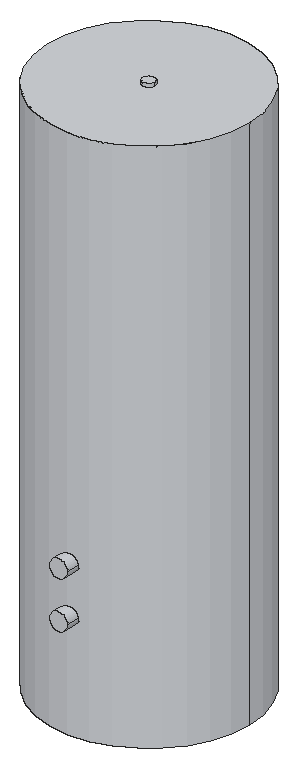
Revit family
Parameters (values of type "RJA0257")
  Top Clearance = 12"
  SES BIM Studio # = "201264901-29"
  URL = "http://www.lochinvar.com/products/Default.aspx?type=ProductLine&lineid=106"
  NPT Outlet Conn Radius = 1"
  NPT OUTLET SIZE = 2"
  Pipe Extrusion Length = Tank Radius + 2"  # 19"
  NPT Conn Radius = 1 1/2"
  NPT CONN SIZE = NPT Conn Radius * 2  # 3"
  Model = "RJA257"
  Manufacturer = "Lochinvar"
  MODEL NO. = "RJA257"
  GALLON CAPACITY = "257"
  B_TANK DIAMETER = Tank Radius * 2  # 34"
  A_TANK HEIGHT = 91"
  E_NPT Height = 26"
  Drain Radius = 1/2"
  Description = "Vertical Round Jacketed ASME Tanks"
  Fuel Type = ""
  Tank Radius = 17"
  D_NPT Height = 18"
Types (8): name | Pipe Extrusion Length | Model | MODEL NO. | GALLON CAPACITY | B_TANK DIAMETER | A_TANK HEIGHT | E_NPT Height | Tank Radius | D_NPT Height
  (no name) | 19" | "RJA257" | "RJA257" | "257" | 34" | 91" | 26" | 17" | 18"
  RJA0257 | 19" | "RJA257" | "RJA257" | "257" | 34" | 91" | 26" | 17" | 18"
  RJA0318 | 22" | "RJA0318" | "RJA0318" | "318" | 40" | 80" | 27 1/2" | 20" | 19 1/2"
  RJA0432 | 25" | "RJA0432" | "RJA0432" | "432" | 46" | 80" | 29" | 23" | 21"
  RJA0504 | 25" | "RJA0504" | "RJA0504" | "504" | 46" | 92" | 29" | 23" | 21"
  RJA0650 | 28" | "RJA0650" | "RJA0650" | "650" | 52" | 92" | 31 1/2" | 26" | 23 1/2"
  RJA0752 | 28" | "RJA0752" | "RJA0752" | "752" | 52" | 104" | 31 1/2" | 26" | 23 1/2"
  RJA0940 | 28" | "RJA0940" | "RJA0940" | "940" | 52" | 128" | 31 1/2" | 26" | 23 1/2"
Reference planes (in)
  plane 1 "Center (Front/Back)": y = 6.125
  plane 2: z = 0
  plane 3 "Center (Left/Right)": x = -1.39218
  plane 4 "Top": z = 91
  plane 5 "Top Clearance": z = 103
  plane 6 "Drain Pipe Length": x = -20.39218
Forms (in)
  Extrusion 1, solid
    sketch origin (0, 0, 0) x (1, 0, 0) y (0, 1, 0)
      loop
        circle (-1.39218, 6.125) r 17
    from 0 to 91
  Extrusion 2, solid
    sketch origin (0, 6.125, 0) x (1, 0, 0) y (0, 0, 1)
      loop
        circle (-1.39218, 18) r 1.5
    from 0 to 19 <- "Pipe Extrusion Length"
  Extrusion 3, solid
    sketch origin (0, 6.125, 8) x (1, 0, 0) y (0, 0, 1)
      loop
        circle (-1.39218, 18) r 1.5
    from 0 to 19 <- "Pipe Extrusion Length"
  Extrusion 4, solid
    sketch origin (0, 0, 91) x (-1, 0, 0) y (0, -1, 0)
      loop
        circle (1.39218, -6.125) r 1
    from 0 to 0.5
  Extrusion 5, solid
    sketch origin (-1.39218, 0, 0) x (0, 1, 0) y (0, 0, 1)
      loop
        circle (6.125, 3) r 0.5
    from 0 to -19
Dimensions and locks (in)
  "A_TANK HEIGHT": plane 4 "Top" to level
  "Top Clearance": plane 5 "Top Clearance" to plane 4 "Top"
  "D_NPT Height": Extrusion 2 sketch curve to level
  "E_NPT Height": Extrusion 3 sketch curve to level
  "Pipe Extrusion Length": plane 6 "Drain Pipe Length" to plane 3 "Center (Left/Right)"
  "Tank Radius": radius of Extrusion 1 sketch curve
  "NPT Conn Radius": radius of Extrusion 2 sketch curve
  "NPT Conn Radius": radius of Extrusion 3 sketch curve
  "NPT Outlet Conn Radius": radius of Extrusion 4 sketch curve
  "Drain Radius": radius of Extrusion 5 sketch curve
  aligned and locked: plane 4 "Top" to Extrusion 1
  aligned and locked: plane 6 "Drain Pipe Length" to Extrusion 5
Automatic sketch dimensions
  plane 1 "Center (Front/Back)" to Extrusion 1 sketch curve = 0"
  Extrusion 1 sketch curve to plane 3 "Center (Left/Right)" = 0"
  Extrusion 2 sketch curve to plane 3 "Center (Left/Right)" = 0"
  Extrusion 3 sketch curve to plane 3 "Center (Left/Right)" = 0"
  plane 1 "Center (Front/Back)" to Extrusion 4 sketch curve = 0"
  Extrusion 4 sketch curve to plane 3 "Center (Left/Right)" = 0"
  level to Extrusion 5 sketch curve = 3"
  Extrusion 5 sketch curve to plane 1 "Center (Front/Back)" = 0"
Connectors (in)
  piping at (-1.39218, -12.875, 26), driven by "NPT Conn Radius"
    settings: on Extrusion 3, index 1, connector radius 1 1/2", flow factor 0, pipe flow 0 GPM, pressure drop 0.00 psi, fitting loss kfactor 0, connector angle 0.00°, fixture units 0, flow configuration 0, flow direction 1, fitting loss method 0, system type 19, connector reference index -1, connector utility 0, adjustable connector no, is connector primary yes, fitting loss table "", connector description "NPT Inlet 1"
  piping at (-1.39218, -12.875, 18), driven by "NPT Conn Radius"
    settings: on Extrusion 2, index 2, connector radius 1 1/2", flow factor 0, pipe flow 0 GPM, pressure drop 0.00 psi, fitting loss kfactor 0, connector angle 0.00°, fixture units 0, flow configuration 0, flow direction 1, fitting loss method 0, system type 19, connector reference index -1, connector utility 0, adjustable connector no, is connector primary no, fitting loss table "", connector description "NPT Inlet 2"
  piping at (-1.39218, 6.125, 91.5), driven by "NPT Outlet Conn Radius"
    settings: on Extrusion 4, index 3, connector radius 1", flow factor 0, pipe flow 0 GPM, pressure drop 0.00 psi, fitting loss kfactor 0, connector angle 0.00°, fixture units 0, flow configuration 0, flow direction 2, fitting loss method 0, system type 19, connector reference index -1, connector utility 0, adjustable connector no, is connector primary no, fitting loss table "", connector description "NPT Outlet"
  piping at (-20.39218, 6.125, 3), driven by "Drain Radius"
    settings: on Extrusion 5, index 4, connector radius 1/2", flow factor 0, pipe flow 0 GPM, pressure drop 0.00 psi, fitting loss kfactor 0, connector angle 0.00°, fixture units 0, flow configuration 0, flow direction 2, fitting loss method 0, system type 22, connector reference index -1, connector utility 0, adjustable connector no, is connector primary no, fitting loss table "", connector description "Drain Pipe"
